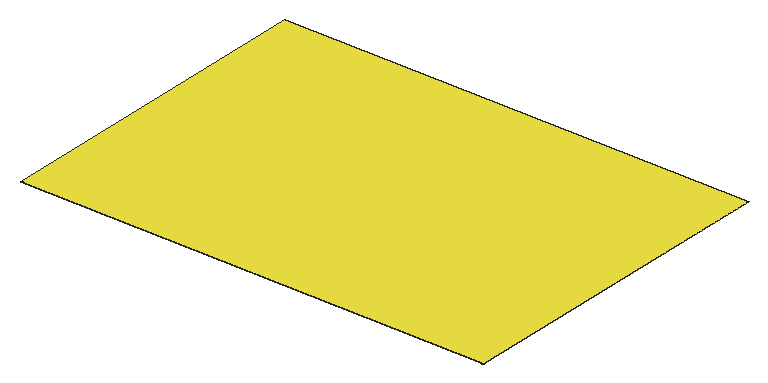
Revit family "Foundation-Barrier-Stego-Wrap-Vapor_Barrier", category Specialty Equipment, host Face, Revit 2020
Family settings
  Host = Face
  Round Connector Dimension = Use Diameter
  Part Type = Normal
  OmniClass Number = 23.25.05.21
  OmniClass Title = Special Foundations
  Cut with Voids When Loaded = No
  Shared = No
  Room Calculation Point = No
Parameters (values of type "Stego® Wrap Vapor Barrier 20 mils")
  Youtube clip = "https://www.youtube.com/watch?v=hz5IgqznNhU"
  Width Max Validate [instance] = if(Width > 14' 0", 14' 0", Width)  # 14' - 0"
  Width [instance] = 14' - 0"
  Weight Net (Kg) = "0"
  Vapor Barrier Thickness = "20 mils"
  Uniformat II Description = ""
  Uniformat II Code = ""
  Uniclass 2015 Name = ""
  Uniclass 2015 Code = ""
  Uniclass 2.0 Description = ""
  Uniclass 2.0 Code = ""
  Uniclass 1.4 Description = ""
  Uniclass 1.4 Code = ""
  URL = "http://www.stegoindustries.com"
  UNSPSC Code = ""
  Type Comments = ""
  Technical description = "Under-Slab Vapor Barrier"
  Stego Vapor Barrier = Stego® Wrap 15-mil Vapor Barrier
  Region South America = "CL, PE"
  Region Oceania = "AU, NZ"
  Region North America = "AG, AI, AW, BB, BL, BM, BQ, BS, BZ, CA, CR, CU, CW, DM, DO, GD, GL, GP, GT, HN, HT, JM, KN, KY, LC, MF, MQ, MS, MX, NI, PA, PM, PR, SV, SX, TC, TT, US, VC, VG, VI"
  Region Middle East = "None"
  Region Europe = "None"
  Region Asia = "None"
  Region Antarctica = "None"
  Region Africa = "None"
  QR code = "http://bimobject.com/stego-industries/product/stego006"
  Product url = "https://www.stegoindustries.com/products/vapor-barrier-20-mil"
  Product group = "Stego Wrap"
  Product family = "Thermal and Moisture Protective Products"
  Product data url = "https://bimobject.com/stego-industries/product/stego006"
  Product certification = "https://www.stegoindustries.com/contact-us/technical-assistance"
  Product SKU = "stego006"
  Product Page URL = "https://www.stegoindustries.com/products/vapor-barrier-20-mil"
  Product Guid = "7ebc41d9-3dd5-4ce8-bf52-a3cebc659168"
  Product Documentation Link = "https://www.stegoindustries.com/hubfs/Data-Sheets/Stego-Wrap-20-Mil-Vapor-Barrier-Data-Sheet.pdf"
  OmniClass Description = ""
  OmniClass Code = ""
  Nominal width = 0' - 0"
  Nominal height = 0' - 0"
  NBS Reference Description = ""
  NBS Reference Code = ""
  Model = "Stego® Wrap Vapor Barrier (20 mils)"
  Max Length Note = "Maximum roll length is 105'."
  Material secondary = ""
  Material main = "Polyethylene"
  Masterformat 2014 Description = "Vapor Retarders"
  Masterformat 2014 Code = "07 26 00"
  Manufacturer name = "Stego Industries, LLC"
  Manufacturer country = "United States"
  Manufacturer = "Stego Industries, LLC"  # constant formula
  Low Emitting Material = yes
  Length [instance] = 10' - 0"
  Installation instructions = "https://www.stegoindustries.com/hubfs/Installation/Stego_Wrap_Vapor_Barrier_Retarder-Installation_Instructions-.pdf"
  IFC Classification = ""
  Edition number = 1
  EAN code = ""
  Design country = "United States"
  Description = "Stego® Wrap 20-Mil Vapor Barrier is used as a below-slab vapor barrier and as a protection course for below grade waterproofing applications.  Stego's cutting-edge 20-Mil Vapor Barrier is developed from the same proprietary blend of prime virgin resins and additives as our popular 15-mil barrier, and provides additional protection for crucial projects.  This advanced multi-layer plastic extrusion blown film vapor barrier provides unrivaled moisture protection in even the most unforgiving conditions, such as intense fluctuating temperatures and humidity, and is frequently used on high-profile projects such as data centers and hospitals."
  Default Elevation = 0' - 0"
  Date of publishing = "8/16/2017"
  COBIe Type Category = ""
  Brand url = "http://www.stegoindustries.com"
  BIMobject category = "Waterproofing & Membranes"
  ASTM = "Exceeds ASTM E1745 Class A Requirements"
Types (2): name | Vapor Barrier Thickness | QR code | Product url | Product data url | Product SKU | Product Page URL | Product Documentation Link | Model | Max Length Note | Installation instructions | Description
  Stego® Wrap Vapor Barrier 20 mils | "20 mils" | "http://bimobject.com/stego-industries/product/stego006" | "https://www.stegoindustries.com/products/vapor-barrier-20-mil" | "https://bimobject.com/stego-industries/product/stego006" | "stego006" | "https://www.stegoindustries.com/products/vapor-barrier-20-mil" | "https://www.stegoindustries.com/hubfs/Data-Sheets/Stego-Wrap-20-Mil-Vapor-Barrier-Data-Sheet.pdf" | "Stego® Wrap Vapor Barrier (20 mils)" | "Maximum roll length is 105'." | "https://www.stegoindustries.com/hubfs/Installation/Stego_Wrap_Vapor_Barrier_Retarder-Installation_Instructions-.pdf" | "Stego® Wrap 20-Mil Vapor Barrier is used as a below-slab vapor barrier and as a protection course for below grade waterproofing applications.  Stego's cutting-edge 20-Mil Vapor Barrier is developed from the same proprietary blend of prime virgin resins and additives as our popular 15-mil barrier, and provides additional protection for crucial projects.  This advanced multi-layer plastic extrusion blown film vapor barrier provides unrivaled moisture protection in even the most unforgiving conditions, such as intense fluctuating temperatures and humidity, and is frequently used on high-profile projects such as data centers and hospitals."
  Stego® Wrap Vapor Barrier 15 mils | "15 mils" | "http://bimobject.com/stego-industries/product/stego002" | "https://www.stegoindustries.com/products/vapor-barrier-15-mil\r\nhttps://www.stegoindustries.com/products/vapor-barrier-15-mil\r\nhttps://www.stegoindustries.com/products/vapor-barrier-15-mil" | "https://bimobject.com/stego-industries/product/stego002" | "stego002" | "https://www.stegoindustries.com/products/vapor-barrier-15-mil" | "https://www.stegoindustries.com/hubfs/Data-Sheets/Stego-Wrap-Vapor-Barrier-Data-Sheet.pdf" | "Stego® Wrap Vapor Barrier (15 mils)" | "Maximum roll length is 140'." | "https://www.stegoindustries.com/hubfs/Installation/Stego_Wrap_Vapor_Barrier_Retarder-Installation_Instructions-.pdf\r\nhttps://www.stegoindustries.com/hubfs/Installation/Stego_Wrap_Vapor_Barrier_Retarder-Installation_Instructions-.pdf\r\nhttps://www.stegoindustries.com/hubfs/Installation/Stego_Wrap_Vapor_Barrier_Retarder-Installation_Instructions-.pdf" | "Stego​® Wrap Vapor Barrier (15-mil) is a low permeance under-slab vapor barrier engineered to exceed ASTM E 1745  Class A Standards and provide long-term moisture vapor protection.  \r\nStego Wrap Vapor Barrier is a multi-layer plastic extrusion manufactured with only high grade prime, virgin, polyolefin resins. Stego Wrap Vapor Barrier can be used in systems for the control of soil gases (radon, methane), soil poisons (oil by-products) and sulfates."
Reference planes (in)
  plane 1 "Center (Front/Back)": y = 0
  plane 2: z = 0
  plane 3 "Center (Left/Right)": x = 0
  plane 4: x = -84
  plane 5: x = 84
  plane 6: y = 60
  plane 7: x = -78
  plane 8 "Start Roll Length": y = 60
  plane 9 "Left Vapor Barrier": x = -84
  plane 10 "Right Vapor Barrier": x = 84
  plane 11: y = -60
  plane 12: x = 78
Forms (in)
  Extrusion 1, solid, material "Stego® Wrap 15-mil Vapor Barrier" <- "Stego Vapor Barrier"
    sketch origin (0, 0, 0) x (1, 0, 0) y (0, 1, 0)
      loop
        line (-84, -60) -> (84, -60) -> (84, 60) -> (-84, 60) -> (-84, -60)
    from 0 to 0.0625
Lines and regions (in)
  Masking region 1
    outline origin (0, 0, 0) x (1, 0, 0) y (0, 1, 0)
      loop
        line (-84, 60) -> (-84, -60) -> (84, -60) -> (84, 60) -> (-84, 60)
  Masking region 2
    outline origin (0, 0, 0) x (1, 0, 0) y (0, 0, 1)
      loop
        line (-84, 0.0625) -> (-84, 0) -> (84, 0) -> (84, 0.0625) -> (-84, 0.0625)
  Masking region 3
    outline origin (0, 0, 0) x (0, 1, 0) y (0, 0, 1)
      loop
        line (60, 0.0625) -> (-60, 0.0625) -> (-60, 0) -> (60, 0) -> (60, 0.0625)
  model lines, style "InvisibleLines", detail levels medium+fine
    curve 1: line (-78, 60, 0) -> (-78, -60, 0)
    curve 2: line (78, 60, 0) -> (78, -60, 0)
Dimensions and locks (in)
  equal spacing: plane 4, plane 3 "Center (Left/Right)", plane 5
  equal spacing: plane 9 "Left Vapor Barrier", plane 3 "Center (Left/Right)", plane 10 "Right Vapor Barrier"
  "Width Max Validate": plane 9 "Left Vapor Barrier" to plane 10 "Right Vapor Barrier"
  locked: plane 9 "Left Vapor Barrier" to plane 7 at 6
  "Length": plane 8 "Start Roll Length" to plane 11
  locked: plane 12 to plane 10 "Right Vapor Barrier" at 6
  aligned and locked: plane 2 to host face
  aligned and locked: level to host face
  aligned and locked: Extrusion 1 sketch curve to plane 11
  aligned and locked: Extrusion 1 sketch curve to plane 9 "Left Vapor Barrier"
  aligned and locked: plane 8 "Start Roll Length" to Extrusion 1 sketch curve
  aligned and locked: plane 10 "Right Vapor Barrier" to Extrusion 1 sketch curve
  aligned and locked: curve 1 to plane 7
  aligned and locked: plane 11 to curve 1
  aligned and locked: plane 8 "Start Roll Length" to curve 1
  aligned and locked: curve 2 to plane 12
  aligned and locked: plane 11 to curve 2
  aligned and locked: plane 8 "Start Roll Length" to curve 2
  aligned and locked: Masking region 1 sketch curve to Extrusion 1  (x4)
  aligned and locked: Masking region 2 sketch curve to Extrusion 1  (x4)
  aligned and locked: Masking region 3 sketch curve to Extrusion 1  (x3)
  aligned and locked: Masking region 3 sketch curve to curve 1
Automatic sketch dimensions
  host sketch curve to host sketch curve = 0' - 0.03563"
  host sketch curve to host sketch curve = 0' - 0.03243"
